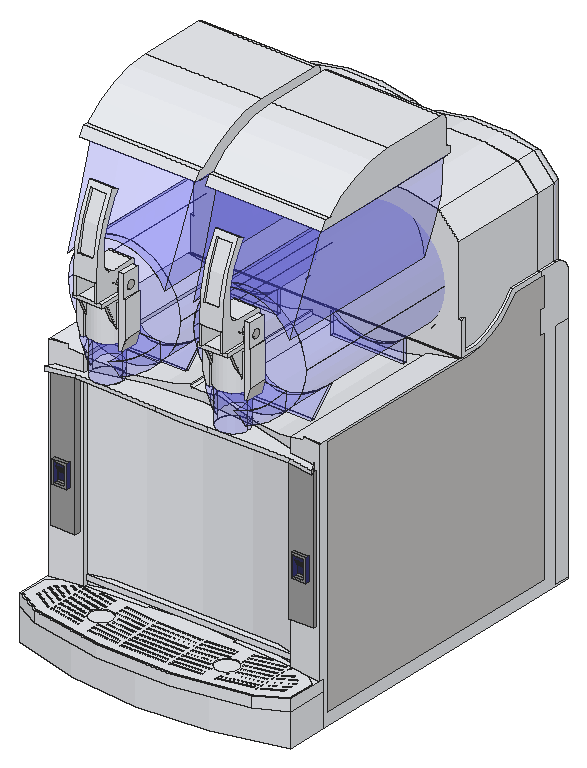
Revit family "QF_ELECTROLUXPROFESSIONAL_560050_NINA2UK", category Specialty Equipment, Revit 2018 (continued)
Automatic sketch dimensions
  curve 67 to curve 116 = 0.0 mm  (x2)
  curve 67 to curve 117 = 0.0 mm  (x2)
  curve 67 to curve 134 = 0.0 mm  (x2)
  curve 67 to curve 135 = 0.0 mm  (x2)
  curve 67 to curve 136 = 0.0 mm  (x2)
  curve 67 to curve 137 = 0.0 mm  (x2)
  curve 67 to curve 138 = 0.0 mm  (x2)
  curve 67 to curve 139 = 0.0 mm  (x2)
  curve 67 to curve 140 = 0.0 mm  (x2)
  curve 67 to curve 141 = 0.0 mm  (x2)
  curve 67 to curve 142 = 0.0 mm  (x2)
  curve 67 to curve 143 = 0.0 mm  (x2)
  curve 67 to curve 144 = 0.0 mm  (x2)
  curve 67 to curve 145 = 0.0 mm  (x2)
  curve 67 to curve 146 = 0.0 mm  (x2)
  curve 67 to curve 147 = 0.0 mm  (x2)
  curve 67 to curve 148 = 0.0 mm  (x2)
  curve 67 to curve 167 = 0.0 mm  (x2)
  curve 67 to curve 168 = 0.0 mm  (x2)
  curve 67 to curve 169 = 0.0 mm  (x2)
  curve 67 to curve 170 = 0.0 mm  (x2)
  curve 67 to curve 171 = 0.0 mm  (x2)
  curve 67 to curve 172 = 0.0 mm  (x2)
  curve 67 to curve 173 = 0.0 mm  (x2)
  curve 67 to curve 174 = 0.0 mm  (x2)
  curve 67 to curve 175 = 0.0 mm  (x2)
  curve 67 to curve 176 = 0.0 mm  (x2)
  curve 67 to curve 177 = 0.0 mm  (x2)
  curve 68 to curve 69 = 0.0 mm  (x2)
  curve 68 to curve 70 = 0.0 mm  (x2)
  curve 68 to curve 71 = 0.0 mm  (x2)
  curve 68 to curve 72 = 0.0 mm  (x2)
  curve 68 to curve 91 = 0.0 mm  (x2)
  curve 68 to curve 92 = 0.0 mm  (x2)
  curve 68 to curve 93 = 0.0 mm  (x2)
  curve 68 to curve 94 = 0.0 mm  (x2)
  curve 68 to curve 95 = 0.0 mm  (x2)
  curve 68 to curve 96 = 0.0 mm  (x2)
  curve 68 to curve 97 = 0.0 mm  (x2)
  curve 68 to curve 98 = 0.0 mm  (x2)
  curve 68 to curve 99 = 0.0 mm  (x2)
  curve 68 to curve 100 = 0.0 mm  (x2)
  curve 68 to curve 101 = 0.0 mm  (x2)
  curve 68 to curve 116 = 0.0 mm  (x2)
  curve 68 to curve 117 = 0.0 mm  (x2)
  curve 68 to curve 134 = 0.0 mm  (x2)
  curve 68 to curve 135 = 0.0 mm  (x2)
  curve 68 to curve 136 = 0.0 mm  (x2)
  curve 68 to curve 137 = 0.0 mm  (x2)
  curve 68 to curve 138 = 0.0 mm  (x2)
  curve 68 to curve 139 = 0.0 mm  (x2)
  curve 68 to curve 140 = 0.0 mm  (x2)
  curve 68 to curve 141 = 0.0 mm  (x2)
  curve 68 to curve 142 = 0.0 mm  (x2)
  curve 68 to curve 143 = 0.0 mm  (x2)
  curve 68 to curve 144 = 0.0 mm  (x2)
  curve 68 to curve 145 = 0.0 mm  (x2)
  curve 68 to curve 146 = 0.0 mm  (x2)
  curve 68 to curve 147 = 0.0 mm  (x2)
  curve 68 to curve 148 = 0.0 mm  (x2)
  curve 68 to curve 167 = 0.0 mm  (x2)
  curve 68 to curve 168 = 0.0 mm  (x2)
  curve 68 to curve 169 = 0.0 mm  (x2)
  curve 68 to curve 170 = 0.0 mm  (x2)
  curve 68 to curve 171 = 0.0 mm  (x2)
  curve 68 to curve 172 = 0.0 mm  (x2)
  curve 68 to curve 173 = 0.0 mm  (x2)
  curve 68 to curve 174 = 0.0 mm  (x2)
  curve 68 to curve 175 = 0.0 mm  (x2)
  curve 68 to curve 176 = 0.0 mm  (x2)
  curve 68 to curve 177 = 0.0 mm  (x2)
  curve 69 to curve 70 = 0.0 mm  (x2)
  curve 69 to curve 71 = 0.0 mm  (x2)
  curve 69 to curve 72 = 0.0 mm  (x2)
  curve 69 to curve 91 = 0.0 mm  (x2)
  curve 69 to curve 92 = 0.0 mm  (x2)
  curve 69 to curve 93 = 0.0 mm  (x2)
  curve 69 to curve 94 = 0.0 mm  (x2)
  curve 69 to curve 95 = 0.0 mm  (x2)
  curve 69 to curve 96 = 0.0 mm  (x2)
  curve 69 to curve 97 = 0.0 mm  (x2)
  curve 69 to curve 98 = 0.0 mm  (x2)
  curve 69 to curve 99 = 0.0 mm  (x2)
  curve 69 to curve 100 = 0.0 mm  (x2)
  curve 69 to curve 101 = 0.0 mm  (x2)
  curve 69 to curve 116 = 0.0 mm  (x2)
  curve 69 to curve 117 = 0.0 mm  (x2)
  curve 69 to curve 134 = 0.0 mm  (x2)
  curve 69 to curve 135 = 0.0 mm  (x2)
  curve 69 to curve 136 = 0.0 mm  (x2)
  curve 69 to curve 137 = 0.0 mm  (x2)
  curve 69 to curve 138 = 0.0 mm  (x2)
  curve 69 to curve 139 = 0.0 mm  (x2)
  curve 69 to curve 140 = 0.0 mm  (x2)
  curve 69 to curve 141 = 0.0 mm  (x2)
  curve 69 to curve 142 = 0.0 mm  (x2)
  curve 69 to curve 143 = 0.0 mm  (x2)
  curve 69 to curve 144 = 0.0 mm  (x2)
  curve 69 to curve 145 = 0.0 mm  (x2)
  curve 69 to curve 146 = 0.0 mm  (x2)
  curve 69 to curve 147 = 0.0 mm  (x2)
  curve 69 to curve 148 = 0.0 mm  (x2)
  curve 69 to curve 167 = 0.0 mm  (x2)
  curve 69 to curve 168 = 0.0 mm  (x2)
  curve 69 to curve 169 = 0.0 mm  (x2)
  curve 69 to curve 170 = 0.0 mm  (x2)
  curve 69 to curve 171 = 0.0 mm  (x2)
  curve 69 to curve 172 = 0.0 mm  (x2)
  curve 69 to curve 173 = 0.0 mm  (x2)
  curve 69 to curve 174 = 0.0 mm  (x2)
  curve 69 to curve 175 = 0.0 mm  (x2)
  curve 69 to curve 176 = 0.0 mm  (x2)
  curve 69 to curve 177 = 0.0 mm  (x2)
  curve 70 to curve 71 = 0.0 mm  (x2)
  curve 70 to curve 72 = 0.0 mm  (x2)
  curve 70 to curve 91 = 0.0 mm  (x2)
  curve 70 to curve 92 = 0.0 mm  (x2)
  curve 70 to curve 93 = 0.0 mm  (x2)
  curve 70 to curve 94 = 0.0 mm  (x2)
  curve 70 to curve 95 = 0.0 mm  (x2)
  curve 70 to curve 96 = 0.0 mm  (x2)
  curve 70 to curve 97 = 0.0 mm  (x2)
  curve 70 to curve 98 = 0.0 mm  (x2)
  curve 70 to curve 99 = 0.0 mm  (x2)
  curve 70 to curve 100 = 0.0 mm  (x2)
  curve 70 to curve 101 = 0.0 mm  (x2)
  curve 70 to curve 116 = 0.0 mm  (x2)
  curve 70 to curve 117 = 0.0 mm  (x2)
  curve 70 to curve 134 = 0.0 mm  (x2)
  curve 70 to curve 135 = 0.0 mm  (x2)
  curve 70 to curve 136 = 0.0 mm  (x2)
  curve 70 to curve 137 = 0.0 mm  (x2)
  curve 70 to curve 138 = 0.0 mm  (x2)
  curve 70 to curve 139 = 0.0 mm  (x2)
  curve 70 to curve 140 = 0.0 mm  (x2)
  curve 70 to curve 141 = 0.0 mm  (x2)
  curve 70 to curve 142 = 0.0 mm  (x2)
  curve 70 to curve 143 = 0.0 mm  (x2)
  curve 70 to curve 144 = 0.0 mm  (x2)
  curve 70 to curve 145 = 0.0 mm  (x2)
  curve 70 to curve 146 = 0.0 mm  (x2)
  curve 70 to curve 147 = 0.0 mm  (x2)
  curve 70 to curve 148 = 0.0 mm  (x2)
  curve 70 to curve 167 = 0.0 mm  (x2)
  curve 70 to curve 168 = 0.0 mm  (x2)
  curve 70 to curve 169 = 0.0 mm  (x2)
  curve 70 to curve 170 = 0.0 mm  (x2)
  curve 70 to curve 171 = 0.0 mm  (x2)
  curve 70 to curve 172 = 0.0 mm  (x2)
  curve 70 to curve 173 = 0.0 mm  (x2)
  curve 70 to curve 174 = 0.0 mm  (x2)
  curve 70 to curve 175 = 0.0 mm  (x2)
  curve 70 to curve 176 = 0.0 mm  (x2)
  curve 70 to curve 177 = 0.0 mm  (x2)
  curve 71 to curve 72 = 0.0 mm  (x2)
  curve 71 to curve 91 = 0.0 mm  (x2)
  curve 71 to curve 92 = 0.0 mm  (x2)
  curve 71 to curve 93 = 0.0 mm  (x2)
  curve 71 to curve 94 = 0.0 mm  (x2)
  curve 71 to curve 95 = 0.0 mm  (x2)
  curve 71 to curve 96 = 0.0 mm  (x2)
  curve 71 to curve 97 = 0.0 mm  (x2)
  curve 71 to curve 98 = 0.0 mm  (x2)
  curve 71 to curve 99 = 0.0 mm  (x2)
  curve 71 to curve 100 = 0.0 mm  (x2)
  curve 71 to curve 101 = 0.0 mm  (x2)
  curve 71 to curve 116 = 0.0 mm  (x2)
  curve 71 to curve 117 = 0.0 mm  (x2)
  curve 71 to curve 134 = 0.0 mm  (x2)
  curve 71 to curve 135 = 0.0 mm  (x2)
  curve 71 to curve 136 = 0.0 mm  (x2)
  curve 71 to curve 137 = 0.0 mm  (x2)
  curve 71 to curve 138 = 0.0 mm  (x2)
  curve 71 to curve 139 = 0.0 mm  (x2)
  curve 71 to curve 140 = 0.0 mm  (x2)
  curve 71 to curve 141 = 0.0 mm  (x2)
  curve 71 to curve 142 = 0.0 mm  (x2)
  curve 71 to curve 143 = 0.0 mm  (x2)
  curve 71 to curve 144 = 0.0 mm  (x2)
  curve 71 to curve 145 = 0.0 mm  (x2)
  curve 71 to curve 146 = 0.0 mm  (x2)
  curve 71 to curve 147 = 0.0 mm  (x2)
  curve 71 to curve 148 = 0.0 mm  (x2)
  curve 71 to curve 167 = 0.0 mm  (x2)
  curve 71 to curve 168 = 0.0 mm  (x2)
  curve 71 to curve 169 = 0.0 mm  (x2)
  curve 71 to curve 170 = 0.0 mm  (x2)
  curve 71 to curve 171 = 0.0 mm  (x2)
  curve 71 to curve 172 = 0.0 mm  (x2)
  curve 71 to curve 173 = 0.0 mm  (x2)
  curve 71 to curve 174 = 0.0 mm  (x2)
  curve 71 to curve 175 = 0.0 mm  (x2)
  curve 71 to curve 176 = 0.0 mm  (x2)
  curve 71 to curve 177 = 0.0 mm  (x2)
  curve 72 to curve 91 = 0.0 mm  (x2)
  curve 72 to curve 92 = 0.0 mm  (x2)
  curve 72 to curve 93 = 0.0 mm  (x2)
  curve 72 to curve 94 = 0.0 mm  (x2)
  curve 72 to curve 95 = 0.0 mm  (x2)
  curve 72 to curve 96 = 0.0 mm  (x2)
  curve 72 to curve 97 = 0.0 mm  (x2)
  curve 72 to curve 98 = 0.0 mm  (x2)
  curve 72 to curve 99 = 0.0 mm  (x2)
  curve 72 to curve 100 = 0.0 mm  (x2)
  curve 72 to curve 101 = 0.0 mm  (x2)
  curve 72 to curve 116 = 0.0 mm  (x2)
  curve 72 to curve 117 = 0.0 mm  (x2)
  curve 72 to curve 134 = 0.0 mm  (x2)
  curve 72 to curve 135 = 0.0 mm  (x2)
  curve 72 to curve 136 = 0.0 mm  (x2)
  curve 72 to curve 137 = 0.0 mm  (x2)
  curve 72 to curve 138 = 0.0 mm  (x2)
  curve 72 to curve 139 = 0.0 mm  (x2)
  curve 72 to curve 140 = 0.0 mm  (x2)
  curve 72 to curve 141 = 0.0 mm  (x2)
  curve 72 to curve 142 = 0.0 mm  (x2)
  curve 72 to curve 143 = 0.0 mm  (x2)
  curve 72 to curve 144 = 0.0 mm  (x2)
  curve 72 to curve 145 = 0.0 mm  (x2)
  curve 72 to curve 146 = 0.0 mm  (x2)
  curve 72 to curve 147 = 0.0 mm  (x2)
  curve 72 to curve 148 = 0.0 mm  (x2)
  curve 72 to curve 167 = 0.0 mm  (x2)
  curve 72 to curve 168 = 0.0 mm  (x2)
  curve 72 to curve 169 = 0.0 mm  (x2)
  curve 72 to curve 170 = 0.0 mm  (x2)
  curve 72 to curve 171 = 0.0 mm  (x2)
  curve 72 to curve 172 = 0.0 mm  (x2)
  curve 72 to curve 173 = 0.0 mm  (x2)
  curve 72 to curve 174 = 0.0 mm  (x2)
  curve 72 to curve 175 = 0.0 mm  (x2)
  curve 72 to curve 176 = 0.0 mm  (x2)
  curve 72 to curve 177 = 0.0 mm  (x2)
  curve 91 to curve 92 = 0.0 mm  (x2)
  curve 91 to curve 93 = 0.0 mm  (x2)
  curve 91 to curve 94 = 0.0 mm  (x2)
  curve 91 to curve 95 = 0.0 mm  (x2)
  curve 91 to curve 96 = 0.0 mm  (x2)
  curve 91 to curve 97 = 0.0 mm  (x2)
  curve 91 to curve 98 = 0.0 mm  (x2)
  curve 91 to curve 99 = 0.0 mm  (x2)
  curve 91 to curve 100 = 0.0 mm  (x2)
  curve 91 to curve 101 = 0.0 mm  (x2)
  curve 91 to curve 116 = 0.0 mm  (x2)
  curve 91 to curve 117 = 0.0 mm  (x2)
  curve 91 to curve 134 = 0.0 mm  (x2)
  curve 91 to curve 135 = 0.0 mm  (x2)
  curve 91 to curve 136 = 0.0 mm  (x2)
  curve 91 to curve 137 = 0.0 mm  (x2)
  curve 91 to curve 138 = 0.0 mm  (x2)
  curve 91 to curve 139 = 0.0 mm  (x2)
  curve 91 to curve 140 = 0.0 mm  (x2)
  curve 91 to curve 141 = 0.0 mm  (x2)
  curve 91 to curve 142 = 0.0 mm  (x2)
  curve 91 to curve 143 = 0.0 mm  (x2)
  curve 91 to curve 144 = 0.0 mm  (x2)
  curve 91 to curve 145 = 0.0 mm  (x2)
  curve 91 to curve 146 = 0.0 mm  (x2)
  curve 91 to curve 147 = 0.0 mm  (x2)
  curve 91 to curve 148 = 0.0 mm  (x2)
  curve 91 to curve 167 = 0.0 mm  (x2)
  curve 91 to curve 168 = 0.0 mm  (x2)
  curve 91 to curve 169 = 0.0 mm  (x2)
  curve 91 to curve 170 = 0.0 mm  (x2)
  curve 91 to curve 171 = 0.0 mm  (x2)
  curve 91 to curve 172 = 0.0 mm  (x2)
  curve 91 to curve 173 = 0.0 mm  (x2)
  curve 91 to curve 174 = 0.0 mm  (x2)
  curve 91 to curve 175 = 0.0 mm  (x2)
  curve 91 to curve 176 = 0.0 mm  (x2)
  curve 91 to curve 177 = 0.0 mm  (x2)
  curve 92 to curve 93 = 0.0 mm  (x2)
  curve 92 to curve 94 = 0.0 mm  (x2)
  curve 92 to curve 95 = 0.0 mm  (x2)
  curve 92 to curve 96 = 0.0 mm  (x2)
  curve 92 to curve 97 = 0.0 mm  (x2)
  curve 92 to curve 98 = 0.0 mm  (x2)
  curve 92 to curve 99 = 0.0 mm  (x2)
  curve 92 to curve 100 = 0.0 mm  (x2)
  curve 92 to curve 101 = 0.0 mm  (x2)
  curve 92 to curve 116 = 0.0 mm  (x2)
  curve 92 to curve 117 = 0.0 mm  (x2)
  curve 92 to curve 134 = 0.0 mm  (x2)
  curve 92 to curve 135 = 0.0 mm  (x2)
  curve 92 to curve 136 = 0.0 mm  (x2)
  curve 92 to curve 137 = 0.0 mm  (x2)
  curve 92 to curve 138 = 0.0 mm  (x2)
  curve 92 to curve 139 = 0.0 mm  (x2)
  curve 92 to curve 140 = 0.0 mm  (x2)
  curve 92 to curve 141 = 0.0 mm  (x2)
  curve 92 to curve 142 = 0.0 mm  (x2)
  curve 92 to curve 143 = 0.0 mm  (x2)
  curve 92 to curve 144 = 0.0 mm  (x2)
  curve 92 to curve 145 = 0.0 mm  (x2)
  curve 92 to curve 146 = 0.0 mm  (x2)
  curve 92 to curve 147 = 0.0 mm  (x2)
  curve 92 to curve 148 = 0.0 mm  (x2)
  curve 92 to curve 167 = 0.0 mm  (x2)
  curve 92 to curve 168 = 0.0 mm  (x2)
  curve 92 to curve 169 = 0.0 mm  (x2)
  curve 92 to curve 170 = 0.0 mm  (x2)
  curve 92 to curve 171 = 0.0 mm  (x2)
  curve 92 to curve 172 = 0.0 mm  (x2)
  curve 92 to curve 173 = 0.0 mm  (x2)
  curve 92 to curve 174 = 0.0 mm  (x2)
  curve 92 to curve 175 = 0.0 mm  (x2)
  curve 92 to curve 176 = 0.0 mm  (x2)
  curve 92 to curve 177 = 0.0 mm  (x2)
  curve 93 to curve 94 = 0.0 mm  (x2)
  curve 93 to curve 95 = 0.0 mm  (x2)
  curve 93 to curve 96 = 0.0 mm  (x2)
  curve 93 to curve 97 = 0.0 mm  (x2)
  curve 93 to curve 98 = 0.0 mm  (x2)
  curve 93 to curve 99 = 0.0 mm  (x2)
  curve 93 to curve 100 = 0.0 mm  (x2)
  curve 93 to curve 101 = 0.0 mm  (x2)
  curve 93 to curve 116 = 0.0 mm  (x2)
  curve 93 to curve 117 = 0.0 mm  (x2)
  curve 93 to curve 134 = 0.0 mm  (x2)
  curve 93 to curve 135 = 0.0 mm  (x2)
  curve 93 to curve 136 = 0.0 mm  (x2)
  curve 93 to curve 137 = 0.0 mm  (x2)
  curve 93 to curve 138 = 0.0 mm  (x2)
  curve 93 to curve 139 = 0.0 mm  (x2)
  curve 93 to curve 140 = 0.0 mm  (x2)
  curve 93 to curve 141 = 0.0 mm  (x2)
  curve 93 to curve 142 = 0.0 mm  (x2)
  curve 93 to curve 143 = 0.0 mm  (x2)
  curve 93 to curve 144 = 0.0 mm  (x2)
  curve 93 to curve 145 = 0.0 mm  (x2)
  curve 93 to curve 146 = 0.0 mm  (x2)
  curve 93 to curve 147 = 0.0 mm  (x2)
  curve 93 to curve 148 = 0.0 mm  (x2)
  curve 93 to curve 167 = 0.0 mm  (x2)
  curve 93 to curve 168 = 0.0 mm  (x2)
  curve 93 to curve 169 = 0.0 mm  (x2)
  curve 93 to curve 170 = 0.0 mm  (x2)
  curve 93 to curve 171 = 0.0 mm  (x2)
  curve 93 to curve 172 = 0.0 mm  (x2)
  curve 93 to curve 173 = 0.0 mm  (x2)
  curve 93 to curve 174 = 0.0 mm  (x2)
  curve 93 to curve 175 = 0.0 mm  (x2)
  curve 93 to curve 176 = 0.0 mm  (x2)
  curve 93 to curve 177 = 0.0 mm  (x2)
  curve 94 to curve 95 = 0.0 mm  (x2)
  curve 94 to curve 96 = 0.0 mm  (x2)
  curve 94 to curve 97 = 0.0 mm  (x2)
  curve 94 to curve 98 = 0.0 mm  (x2)
  curve 94 to curve 99 = 0.0 mm  (x2)
  curve 94 to curve 100 = 0.0 mm  (x2)
  curve 94 to curve 101 = 0.0 mm  (x2)
  curve 94 to curve 116 = 0.0 mm  (x2)
  curve 94 to curve 117 = 0.0 mm  (x2)
  curve 94 to curve 134 = 0.0 mm  (x2)
  curve 94 to curve 135 = 0.0 mm  (x2)
  curve 94 to curve 136 = 0.0 mm  (x2)
  curve 94 to curve 137 = 0.0 mm  (x2)
  curve 94 to curve 138 = 0.0 mm  (x2)
  curve 94 to curve 139 = 0.0 mm  (x2)
  curve 94 to curve 140 = 0.0 mm  (x2)
  curve 94 to curve 141 = 0.0 mm  (x2)
  curve 94 to curve 142 = 0.0 mm  (x2)
  curve 94 to curve 143 = 0.0 mm  (x2)
  curve 94 to curve 144 = 0.0 mm  (x2)
  curve 94 to curve 145 = 0.0 mm  (x2)
  curve 94 to curve 146 = 0.0 mm  (x2)
  curve 94 to curve 147 = 0.0 mm  (x2)
  curve 94 to curve 148 = 0.0 mm  (x2)
  curve 94 to curve 167 = 0.0 mm  (x2)
  curve 94 to curve 168 = 0.0 mm  (x2)
  curve 94 to curve 169 = 0.0 mm  (x2)
  curve 94 to curve 170 = 0.0 mm  (x2)
  curve 94 to curve 171 = 0.0 mm  (x2)
  curve 94 to curve 172 = 0.0 mm  (x2)
  curve 94 to curve 173 = 0.0 mm  (x2)
  curve 94 to curve 174 = 0.0 mm  (x2)
  curve 94 to curve 175 = 0.0 mm  (x2)
  curve 94 to curve 176 = 0.0 mm  (x2)
  curve 94 to curve 177 = 0.0 mm  (x2)
  curve 95 to curve 96 = 0.0 mm  (x2)
  curve 95 to curve 97 = 0.0 mm  (x2)
  curve 95 to curve 98 = 0.0 mm  (x2)
  curve 95 to curve 99 = 0.0 mm  (x2)
  curve 95 to curve 100 = 0.0 mm  (x2)
  curve 95 to curve 101 = 0.0 mm  (x2)
  curve 95 to curve 116 = 0.0 mm  (x2)
  curve 95 to curve 117 = 0.0 mm  (x2)
  curve 95 to curve 134 = 0.0 mm  (x2)
  curve 95 to curve 135 = 0.0 mm  (x2)
  curve 95 to curve 136 = 0.0 mm  (x2)
  curve 95 to curve 137 = 0.0 mm  (x2)
  curve 95 to curve 138 = 0.0 mm  (x2)
  curve 95 to curve 139 = 0.0 mm  (x2)
  curve 95 to curve 140 = 0.0 mm  (x2)
  curve 95 to curve 141 = 0.0 mm  (x2)
  curve 95 to curve 142 = 0.0 mm  (x2)
  curve 95 to curve 143 = 0.0 mm  (x2)
  curve 95 to curve 144 = 0.0 mm  (x2)
  curve 95 to curve 145 = 0.0 mm  (x2)
  curve 95 to curve 146 = 0.0 mm  (x2)
  curve 95 to curve 147 = 0.0 mm  (x2)
  curve 95 to curve 148 = 0.0 mm  (x2)
  curve 95 to curve 167 = 0.0 mm  (x2)
  curve 95 to curve 168 = 0.0 mm  (x2)
  curve 95 to curve 169 = 0.0 mm  (x2)
  curve 95 to curve 170 = 0.0 mm  (x2)
  curve 95 to curve 171 = 0.0 mm  (x2)
  curve 95 to curve 172 = 0.0 mm  (x2)
  curve 95 to curve 173 = 0.0 mm  (x2)
  curve 95 to curve 174 = 0.0 mm  (x2)
  curve 95 to curve 175 = 0.0 mm  (x2)
  curve 95 to curve 176 = 0.0 mm  (x2)
  curve 95 to curve 177 = 0.0 mm  (x2)
  curve 96 to curve 97 = 0.0 mm  (x2)
  curve 96 to curve 98 = 0.0 mm  (x2)
  curve 96 to curve 99 = 0.0 mm  (x2)
  curve 96 to curve 100 = 0.0 mm  (x2)
  curve 96 to curve 101 = 0.0 mm  (x2)
  curve 96 to curve 116 = 0.0 mm  (x2)
  curve 96 to curve 117 = 0.0 mm  (x2)
  curve 96 to curve 134 = 0.0 mm  (x2)
  curve 96 to curve 135 = 0.0 mm  (x2)
  curve 96 to curve 136 = 0.0 mm  (x2)
  curve 96 to curve 137 = 0.0 mm  (x2)
  curve 96 to curve 138 = 0.0 mm  (x2)
  curve 96 to curve 139 = 0.0 mm  (x2)
  curve 96 to curve 140 = 0.0 mm  (x2)
  curve 96 to curve 141 = 0.0 mm  (x2)
  curve 96 to curve 142 = 0.0 mm  (x2)
  curve 96 to curve 143 = 0.0 mm  (x2)
  curve 96 to curve 144 = 0.0 mm  (x2)
  curve 96 to curve 145 = 0.0 mm  (x2)
  curve 96 to curve 146 = 0.0 mm  (x2)
  curve 96 to curve 147 = 0.0 mm  (x2)
  curve 96 to curve 148 = 0.0 mm  (x2)
  curve 96 to curve 167 = 0.0 mm  (x2)
  curve 96 to curve 168 = 0.0 mm  (x2)
  curve 96 to curve 169 = 0.0 mm  (x2)
  curve 96 to curve 170 = 0.0 mm  (x2)
  curve 96 to curve 171 = 0.0 mm  (x2)
  curve 96 to curve 172 = 0.0 mm  (x2)
  curve 96 to curve 173 = 0.0 mm  (x2)
  curve 96 to curve 174 = 0.0 mm  (x2)
  curve 96 to curve 175 = 0.0 mm  (x2)
  curve 96 to curve 176 = 0.0 mm  (x2)
  curve 96 to curve 177 = 0.0 mm  (x2)
  curve 97 to curve 98 = 0.0 mm  (x2)
  curve 97 to curve 99 = 0.0 mm  (x2)
  curve 97 to curve 100 = 0.0 mm  (x2)
  curve 97 to curve 101 = 0.0 mm  (x2)
  curve 97 to curve 116 = 0.0 mm  (x2)
  curve 97 to curve 117 = 0.0 mm  (x2)
  curve 97 to curve 134 = 0.0 mm  (x2)
  curve 97 to curve 135 = 0.0 mm  (x2)
  curve 97 to curve 136 = 0.0 mm  (x2)
  curve 97 to curve 137 = 0.0 mm  (x2)
  curve 97 to curve 138 = 0.0 mm  (x2)
  curve 97 to curve 139 = 0.0 mm  (x2)
  curve 97 to curve 140 = 0.0 mm  (x2)
  curve 97 to curve 141 = 0.0 mm  (x2)
  curve 97 to curve 142 = 0.0 mm  (x2)
  curve 97 to curve 143 = 0.0 mm  (x2)
  curve 97 to curve 144 = 0.0 mm  (x2)
  curve 97 to curve 145 = 0.0 mm  (x2)
  curve 97 to curve 146 = 0.0 mm  (x2)
  curve 97 to curve 147 = 0.0 mm  (x2)
  curve 97 to curve 148 = 0.0 mm  (x2)
  curve 97 to curve 167 = 0.0 mm  (x2)
  curve 97 to curve 168 = 0.0 mm  (x2)
  curve 97 to curve 169 = 0.0 mm  (x2)
  curve 97 to curve 170 = 0.0 mm  (x2)
  curve 97 to curve 171 = 0.0 mm  (x2)
  curve 97 to curve 172 = 0.0 mm  (x2)
  curve 97 to curve 173 = 0.0 mm  (x2)
  curve 97 to curve 174 = 0.0 mm  (x2)
  curve 97 to curve 175 = 0.0 mm  (x2)
  curve 97 to curve 176 = 0.0 mm  (x2)
  curve 97 to curve 177 = 0.0 mm  (x2)
  curve 98 to curve 99 = 0.0 mm  (x2)
  curve 98 to curve 100 = 0.0 mm  (x2)
  curve 98 to curve 101 = 0.0 mm  (x2)
  curve 98 to curve 116 = 0.0 mm  (x2)
  curve 98 to curve 117 = 0.0 mm  (x2)
  curve 98 to curve 134 = 0.0 mm  (x2)
  curve 98 to curve 135 = 0.0 mm  (x2)
  curve 98 to curve 136 = 0.0 mm  (x2)
  curve 98 to curve 137 = 0.0 mm  (x2)
  curve 98 to curve 138 = 0.0 mm  (x2)
  curve 98 to curve 139 = 0.0 mm  (x2)
  curve 98 to curve 140 = 0.0 mm  (x2)
  curve 98 to curve 141 = 0.0 mm  (x2)
  curve 98 to curve 142 = 0.0 mm  (x2)
  curve 98 to curve 143 = 0.0 mm  (x2)
  curve 98 to curve 144 = 0.0 mm  (x2)
  curve 98 to curve 145 = 0.0 mm  (x2)
  curve 98 to curve 146 = 0.0 mm  (x2)
  curve 98 to curve 147 = 0.0 mm  (x2)
  curve 98 to curve 148 = 0.0 mm  (x2)
  curve 98 to curve 167 = 0.0 mm  (x2)
  curve 98 to curve 168 = 0.0 mm  (x2)
  curve 98 to curve 169 = 0.0 mm  (x2)
  curve 98 to curve 170 = 0.0 mm  (x2)
  curve 98 to curve 171 = 0.0 mm  (x2)
  curve 98 to curve 172 = 0.0 mm  (x2)
  curve 98 to curve 173 = 0.0 mm  (x2)
  curve 98 to curve 174 = 0.0 mm  (x2)
  curve 98 to curve 175 = 0.0 mm  (x2)
  curve 98 to curve 176 = 0.0 mm  (x2)
  curve 98 to curve 177 = 0.0 mm  (x2)
  curve 99 to curve 100 = 0.0 mm  (x2)
  curve 99 to curve 101 = 0.0 mm  (x2)
  curve 99 to curve 116 = 0.0 mm  (x2)
  curve 99 to curve 117 = 0.0 mm  (x2)
  curve 99 to curve 134 = 0.0 mm  (x2)
  curve 99 to curve 135 = 0.0 mm  (x2)
  curve 99 to curve 136 = 0.0 mm  (x2)
  curve 99 to curve 137 = 0.0 mm  (x2)
  curve 99 to curve 138 = 0.0 mm  (x2)
  curve 99 to curve 139 = 0.0 mm  (x2)
  curve 99 to curve 140 = 0.0 mm  (x2)
  curve 99 to curve 141 = 0.0 mm  (x2)
  curve 99 to curve 142 = 0.0 mm  (x2)
  curve 99 to curve 143 = 0.0 mm  (x2)
  curve 99 to curve 144 = 0.0 mm  (x2)
  curve 99 to curve 145 = 0.0 mm  (x2)
  curve 99 to curve 146 = 0.0 mm  (x2)
  curve 99 to curve 147 = 0.0 mm  (x2)
  curve 99 to curve 148 = 0.0 mm  (x2)
  curve 99 to curve 167 = 0.0 mm  (x2)
  curve 99 to curve 168 = 0.0 mm  (x2)
  curve 99 to curve 169 = 0.0 mm  (x2)
  curve 99 to curve 170 = 0.0 mm  (x2)
  curve 99 to curve 171 = 0.0 mm  (x2)
  curve 99 to curve 172 = 0.0 mm  (x2)
  curve 99 to curve 173 = 0.0 mm  (x2)
  curve 99 to curve 174 = 0.0 mm  (x2)
  curve 99 to curve 175 = 0.0 mm  (x2)
  curve 99 to curve 176 = 0.0 mm  (x2)
  curve 99 to curve 177 = 0.0 mm  (x2)
  curve 100 to curve 101 = 0.0 mm  (x2)
  curve 100 to curve 116 = 0.0 mm  (x2)
  curve 100 to curve 117 = 0.0 mm  (x2)
  curve 100 to curve 134 = 0.0 mm  (x2)
  curve 100 to curve 135 = 0.0 mm  (x2)
  curve 100 to curve 136 = 0.0 mm  (x2)
  curve 100 to curve 137 = 0.0 mm  (x2)
  curve 100 to curve 138 = 0.0 mm  (x2)
  curve 100 to curve 139 = 0.0 mm  (x2)
  curve 100 to curve 140 = 0.0 mm  (x2)
  curve 100 to curve 141 = 0.0 mm  (x2)
  curve 100 to curve 142 = 0.0 mm  (x2)
  curve 100 to curve 143 = 0.0 mm  (x2)
  curve 100 to curve 144 = 0.0 mm  (x2)
  curve 100 to curve 145 = 0.0 mm  (x2)
  curve 100 to curve 146 = 0.0 mm  (x2)
  curve 100 to curve 147 = 0.0 mm  (x2)
  curve 100 to curve 148 = 0.0 mm  (x2)
  curve 100 to curve 167 = 0.0 mm  (x2)
  curve 100 to curve 168 = 0.0 mm  (x2)
  curve 100 to curve 169 = 0.0 mm  (x2)
  curve 100 to curve 170 = 0.0 mm  (x2)
  curve 100 to curve 171 = 0.0 mm  (x2)
  curve 100 to curve 172 = 0.0 mm  (x2)
  curve 100 to curve 173 = 0.0 mm  (x2)
  curve 100 to curve 174 = 0.0 mm  (x2)
  curve 100 to curve 175 = 0.0 mm  (x2)
  curve 100 to curve 176 = 0.0 mm  (x2)
  curve 100 to curve 177 = 0.0 mm  (x2)
  curve 101 to curve 116 = 0.0 mm  (x2)
  curve 101 to curve 117 = 0.0 mm  (x2)
  curve 101 to curve 134 = 0.0 mm  (x2)
  curve 101 to curve 135 = 0.0 mm  (x2)
  curve 101 to curve 136 = 0.0 mm  (x2)
  curve 101 to curve 137 = 0.0 mm  (x2)
  curve 101 to curve 138 = 0.0 mm  (x2)
  curve 101 to curve 139 = 0.0 mm  (x2)
  curve 101 to curve 140 = 0.0 mm  (x2)
  curve 101 to curve 141 = 0.0 mm  (x2)
  curve 101 to curve 142 = 0.0 mm  (x2)
  curve 101 to curve 143 = 0.0 mm  (x2)
  curve 101 to curve 144 = 0.0 mm  (x2)
  curve 101 to curve 145 = 0.0 mm  (x2)
  curve 101 to curve 146 = 0.0 mm  (x2)
  curve 101 to curve 147 = 0.0 mm  (x2)
  curve 101 to curve 148 = 0.0 mm  (x2)
  curve 101 to curve 167 = 0.0 mm  (x2)
  curve 101 to curve 168 = 0.0 mm  (x2)
  curve 101 to curve 169 = 0.0 mm  (x2)
  curve 101 to curve 170 = 0.0 mm  (x2)
  curve 101 to curve 171 = 0.0 mm  (x2)
  curve 101 to curve 172 = 0.0 mm  (x2)
  curve 101 to curve 173 = 0.0 mm  (x2)
  curve 101 to curve 174 = 0.0 mm  (x2)
  curve 101 to curve 175 = 0.0 mm  (x2)
  curve 101 to curve 176 = 0.0 mm  (x2)
  curve 101 to curve 177 = 0.0 mm  (x2)
  curve 116 to curve 117 = 0.0 mm  (x2)
  curve 116 to curve 134 = 0.0 mm  (x2)
  curve 116 to curve 135 = 0.0 mm  (x2)
  curve 116 to curve 136 = 0.0 mm  (x2)
  curve 116 to curve 137 = 0.0 mm  (x2)
  curve 116 to curve 138 = 0.0 mm  (x2)
  curve 116 to curve 139 = 0.0 mm  (x2)
  curve 116 to curve 140 = 0.0 mm  (x2)
  curve 116 to curve 141 = 0.0 mm  (x2)
  curve 116 to curve 142 = 0.0 mm  (x2)
  curve 116 to curve 143 = 0.0 mm  (x2)
  curve 116 to curve 144 = 0.0 mm  (x2)
  curve 116 to curve 145 = 0.0 mm  (x2)
  curve 116 to curve 146 = 0.0 mm  (x2)
  curve 116 to curve 147 = 0.0 mm  (x2)
  curve 116 to curve 148 = 0.0 mm  (x2)
  curve 116 to curve 167 = 0.0 mm  (x2)
  curve 116 to curve 168 = 0.0 mm  (x2)
  curve 116 to curve 169 = 0.0 mm  (x2)
  curve 116 to curve 170 = 0.0 mm  (x2)
  curve 116 to curve 171 = 0.0 mm  (x2)
  curve 116 to curve 172 = 0.0 mm  (x2)
  curve 116 to curve 173 = 0.0 mm  (x2)
  curve 116 to curve 174 = 0.0 mm  (x2)
  curve 116 to curve 175 = 0.0 mm  (x2)
  curve 116 to curve 176 = 0.0 mm  (x2)
  curve 116 to curve 177 = 0.0 mm  (x2)
  curve 117 to curve 134 = 0.0 mm  (x2)
  curve 117 to curve 135 = 0.0 mm  (x2)
  curve 117 to curve 136 = 0.0 mm  (x2)
  curve 117 to curve 137 = 0.0 mm  (x2)
  curve 117 to curve 138 = 0.0 mm  (x2)
  curve 117 to curve 139 = 0.0 mm  (x2)
  curve 117 to curve 140 = 0.0 mm  (x2)
  curve 117 to curve 141 = 0.0 mm  (x2)
  curve 117 to curve 142 = 0.0 mm  (x2)
  curve 117 to curve 143 = 0.0 mm  (x2)
  curve 117 to curve 144 = 0.0 mm  (x2)
  curve 117 to curve 145 = 0.0 mm  (x2)
  curve 117 to curve 146 = 0.0 mm  (x2)
  curve 117 to curve 147 = 0.0 mm  (x2)
  curve 117 to curve 148 = 0.0 mm  (x2)
  curve 117 to curve 167 = 0.0 mm  (x2)
  curve 117 to curve 168 = 0.0 mm  (x2)
  curve 117 to curve 169 = 0.0 mm  (x2)
  curve 117 to curve 170 = 0.0 mm  (x2)
  curve 117 to curve 171 = 0.0 mm  (x2)
  curve 117 to curve 172 = 0.0 mm  (x2)
  curve 117 to curve 173 = 0.0 mm  (x2)
  curve 117 to curve 174 = 0.0 mm  (x2)
  curve 117 to curve 175 = 0.0 mm  (x2)
  curve 117 to curve 176 = 0.0 mm  (x2)
  curve 117 to curve 177 = 0.0 mm  (x2)
  curve 134 to curve 135 = 0.0 mm  (x2)
  curve 134 to curve 136 = 0.0 mm  (x2)
  curve 134 to curve 137 = 0.0 mm  (x2)
  curve 134 to curve 138 = 0.0 mm  (x2)
  curve 134 to curve 139 = 0.0 mm  (x2)
  curve 134 to curve 140 = 0.0 mm  (x2)
  curve 134 to curve 141 = 0.0 mm  (x2)
  curve 134 to curve 142 = 0.0 mm  (x2)
  curve 134 to curve 143 = 0.0 mm  (x2)
  curve 134 to curve 144 = 0.0 mm  (x2)
  curve 134 to curve 145 = 0.0 mm  (x2)
  curve 134 to curve 146 = 0.0 mm  (x2)
  curve 134 to curve 147 = 0.0 mm  (x2)
  curve 134 to curve 148 = 0.0 mm  (x2)
  curve 134 to curve 167 = 0.0 mm  (x2)
  curve 134 to curve 168 = 0.0 mm  (x2)
  curve 134 to curve 169 = 0.0 mm  (x2)
  curve 134 to curve 170 = 0.0 mm  (x2)
  curve 134 to curve 171 = 0.0 mm  (x2)
  curve 134 to curve 172 = 0.0 mm  (x2)
  curve 134 to curve 173 = 0.0 mm  (x2)
  curve 134 to curve 174 = 0.0 mm  (x2)
  curve 134 to curve 175 = 0.0 mm  (x2)
  curve 134 to curve 176 = 0.0 mm  (x2)
  curve 134 to curve 177 = 0.0 mm  (x2)
  curve 135 to curve 136 = 0.0 mm  (x2)
  curve 135 to curve 137 = 0.0 mm  (x2)
  curve 135 to curve 138 = 0.0 mm  (x2)
  curve 135 to curve 139 = 0.0 mm  (x2)
  curve 135 to curve 140 = 0.0 mm  (x2)
  curve 135 to curve 141 = 0.0 mm  (x2)
  curve 135 to curve 142 = 0.0 mm  (x2)
  curve 135 to curve 143 = 0.0 mm  (x2)
  curve 135 to curve 144 = 0.0 mm  (x2)
  curve 135 to curve 145 = 0.0 mm  (x2)
  curve 135 to curve 146 = 0.0 mm  (x2)
  curve 135 to curve 147 = 0.0 mm  (x2)
  curve 135 to curve 148 = 0.0 mm  (x2)
  curve 135 to curve 167 = 0.0 mm  (x2)
  curve 135 to curve 168 = 0.0 mm  (x2)
  curve 135 to curve 169 = 0.0 mm  (x2)
  curve 135 to curve 170 = 0.0 mm  (x2)
  curve 135 to curve 171 = 0.0 mm  (x2)
  curve 135 to curve 172 = 0.0 mm  (x2)
  curve 135 to curve 173 = 0.0 mm  (x2)
  curve 135 to curve 174 = 0.0 mm  (x2)
  curve 135 to curve 175 = 0.0 mm  (x2)
  curve 135 to curve 176 = 0.0 mm  (x2)
  curve 135 to curve 177 = 0.0 mm  (x2)
  curve 136 to curve 137 = 0.0 mm  (x2)
  curve 136 to curve 138 = 0.0 mm  (x2)
  curve 136 to curve 139 = 0.0 mm  (x2)
  curve 136 to curve 140 = 0.0 mm  (x2)
  curve 136 to curve 141 = 0.0 mm  (x2)
  curve 136 to curve 142 = 0.0 mm  (x2)
  curve 136 to curve 143 = 0.0 mm  (x2)
  curve 136 to curve 144 = 0.0 mm  (x2)
  curve 136 to curve 145 = 0.0 mm  (x2)
  curve 136 to curve 146 = 0.0 mm  (x2)
  curve 136 to curve 147 = 0.0 mm  (x2)
  curve 136 to curve 148 = 0.0 mm  (x2)
  curve 136 to curve 167 = 0.0 mm  (x2)
  curve 136 to curve 168 = 0.0 mm  (x2)
  curve 136 to curve 169 = 0.0 mm  (x2)
  curve 136 to curve 170 = 0.0 mm  (x2)
  curve 136 to curve 171 = 0.0 mm  (x2)
  curve 136 to curve 172 = 0.0 mm  (x2)
  curve 136 to curve 173 = 0.0 mm  (x2)
  curve 136 to curve 174 = 0.0 mm  (x2)
  curve 136 to curve 175 = 0.0 mm  (x2)
  curve 136 to curve 176 = 0.0 mm  (x2)
  curve 136 to curve 177 = 0.0 mm  (x2)
  curve 137 to curve 138 = 0.0 mm  (x2)
  curve 137 to curve 139 = 0.0 mm  (x2)
  curve 137 to curve 140 = 0.0 mm  (x2)
  curve 137 to curve 141 = 0.0 mm  (x2)
  curve 137 to curve 142 = 0.0 mm  (x2)
  curve 137 to curve 143 = 0.0 mm  (x2)
  curve 137 to curve 144 = 0.0 mm  (x2)
  curve 137 to curve 145 = 0.0 mm  (x2)
  curve 137 to curve 146 = 0.0 mm  (x2)
  curve 137 to curve 147 = 0.0 mm  (x2)
  curve 137 to curve 148 = 0.0 mm  (x2)
  curve 137 to curve 167 = 0.0 mm  (x2)
  curve 137 to curve 168 = 0.0 mm  (x2)
  curve 137 to curve 169 = 0.0 mm  (x2)
  curve 137 to curve 170 = 0.0 mm  (x2)
  curve 137 to curve 171 = 0.0 mm  (x2)
  curve 137 to curve 172 = 0.0 mm  (x2)
  curve 137 to curve 173 = 0.0 mm  (x2)
  curve 137 to curve 174 = 0.0 mm  (x2)
  curve 137 to curve 175 = 0.0 mm  (x2)
  curve 137 to curve 176 = 0.0 mm  (x2)
  curve 137 to curve 177 = 0.0 mm  (x2)
  curve 138 to curve 139 = 0.0 mm  (x2)
  curve 138 to curve 140 = 0.0 mm  (x2)
  curve 138 to curve 141 = 0.0 mm  (x2)
  curve 138 to curve 142 = 0.0 mm  (x2)
  curve 138 to curve 143 = 0.0 mm  (x2)
  curve 138 to curve 144 = 0.0 mm  (x2)
  curve 138 to curve 145 = 0.0 mm  (x2)
  curve 138 to curve 146 = 0.0 mm  (x2)
  curve 138 to curve 147 = 0.0 mm  (x2)
  curve 138 to curve 148 = 0.0 mm  (x2)
  curve 138 to curve 167 = 0.0 mm  (x2)
  curve 138 to curve 168 = 0.0 mm  (x2)
  curve 138 to curve 169 = 0.0 mm  (x2)
  curve 138 to curve 170 = 0.0 mm  (x2)
  curve 138 to curve 171 = 0.0 mm  (x2)
  curve 138 to curve 172 = 0.0 mm  (x2)
  curve 138 to curve 173 = 0.0 mm  (x2)
  curve 138 to curve 174 = 0.0 mm  (x2)
  curve 138 to curve 175 = 0.0 mm  (x2)
  curve 138 to curve 176 = 0.0 mm  (x2)
  curve 138 to curve 177 = 0.0 mm  (x2)
  curve 139 to curve 140 = 0.0 mm  (x2)
  curve 139 to curve 141 = 0.0 mm  (x2)
  curve 139 to curve 142 = 0.0 mm  (x2)
  curve 139 to curve 143 = 0.0 mm  (x2)
  curve 139 to curve 144 = 0.0 mm  (x2)
  curve 139 to curve 145 = 0.0 mm  (x2)
  curve 139 to curve 146 = 0.0 mm  (x2)
  curve 139 to curve 147 = 0.0 mm  (x2)
  curve 139 to curve 148 = 0.0 mm  (x2)
  curve 139 to curve 167 = 0.0 mm  (x2)
  curve 139 to curve 168 = 0.0 mm  (x2)
  curve 139 to curve 169 = 0.0 mm  (x2)
  curve 139 to curve 170 = 0.0 mm  (x2)
  curve 139 to curve 171 = 0.0 mm  (x2)
  curve 139 to curve 172 = 0.0 mm  (x2)
  curve 139 to curve 173 = 0.0 mm  (x2)
  curve 139 to curve 174 = 0.0 mm  (x2)
  curve 139 to curve 175 = 0.0 mm  (x2)
  curve 139 to curve 176 = 0.0 mm  (x2)
  curve 139 to curve 177 = 0.0 mm  (x2)
  curve 140 to curve 141 = 0.0 mm  (x3)
  curve 140 to curve 142 = 0.0 mm  (x2)
  curve 140 to curve 143 = 0.0 mm  (x2)
  curve 140 to curve 144 = 0.0 mm  (x2)
  curve 140 to curve 145 = 0.0 mm  (x2)
  curve 140 to curve 146 = 0.0 mm  (x2)
  curve 140 to curve 147 = 0.0 mm  (x2)
  curve 140 to curve 148 = 0.0 mm  (x2)
  curve 140 to curve 167 = 0.0 mm  (x2)
  curve 140 to curve 168 = 0.0 mm  (x2)
  curve 140 to curve 169 = 0.0 mm  (x2)
  curve 140 to curve 170 = 0.0 mm  (x2)
  curve 140 to curve 171 = 0.0 mm  (x2)
  curve 140 to curve 172 = 0.0 mm  (x2)
  curve 140 to curve 173 = 0.0 mm  (x2)
  curve 140 to curve 174 = 0.0 mm  (x2)
  curve 140 to curve 175 = 0.0 mm  (x2)
  curve 140 to curve 176 = 0.0 mm  (x2)
  curve 140 to curve 177 = 0.0 mm  (x2)
  curve 141 to curve 142 = 0.0 mm  (x2)
  curve 141 to curve 143 = 0.0 mm  (x2)
  curve 141 to curve 144 = 0.0 mm  (x2)
  curve 141 to curve 145 = 0.0 mm  (x2)
  curve 141 to curve 146 = 0.0 mm  (x2)
  curve 141 to curve 147 = 0.0 mm  (x2)
  curve 141 to curve 148 = 0.0 mm  (x2)
  curve 141 to curve 167 = 0.0 mm  (x2)
  curve 141 to curve 168 = 0.0 mm  (x2)
  curve 141 to curve 169 = 0.0 mm  (x2)
  curve 141 to curve 170 = 0.0 mm  (x2)
  curve 141 to curve 171 = 0.0 mm  (x2)
  curve 141 to curve 172 = 0.0 mm  (x2)
  curve 141 to curve 173 = 0.0 mm  (x2)
  curve 141 to curve 174 = 0.0 mm  (x2)
  curve 141 to curve 175 = 0.0 mm  (x2)
  curve 141 to curve 176 = 0.0 mm  (x2)
  curve 141 to curve 177 = 0.0 mm  (x2)
  curve 142 to curve 143 = 0.0 mm  (x3)
  curve 142 to curve 144 = 0.0 mm  (x2)
  curve 142 to curve 145 = 0.0 mm  (x2)
  curve 142 to curve 146 = 0.0 mm  (x2)
  curve 142 to curve 147 = 0.0 mm  (x2)
  curve 142 to curve 148 = 0.0 mm  (x2)
  curve 142 to curve 167 = 0.0 mm  (x2)
  curve 142 to curve 168 = 0.0 mm  (x2)
  curve 142 to curve 169 = 0.0 mm  (x2)
  curve 142 to curve 170 = 0.0 mm  (x2)
  curve 142 to curve 171 = 0.0 mm  (x2)
  curve 142 to curve 172 = 0.0 mm  (x2)
  curve 142 to curve 173 = 0.0 mm  (x2)
  curve 142 to curve 174 = 0.0 mm  (x2)
  curve 142 to curve 175 = 0.0 mm  (x2)
  curve 142 to curve 176 = 0.0 mm  (x2)
  curve 142 to curve 177 = 0.0 mm  (x2)
  curve 143 to curve 144 = 0.0 mm  (x3)
  curve 143 to curve 145 = 0.0 mm  (x2)
  curve 143 to curve 146 = 0.0 mm  (x2)
  curve 143 to curve 147 = 0.0 mm  (x2)
  curve 143 to curve 148 = 0.0 mm  (x2)
  curve 143 to curve 167 = 0.0 mm  (x2)
  curve 143 to curve 168 = 0.0 mm  (x2)
  curve 143 to curve 169 = 0.0 mm  (x2)
  curve 143 to curve 170 = 0.0 mm  (x2)
  curve 143 to curve 171 = 0.0 mm  (x2)
  curve 143 to curve 172 = 0.0 mm  (x2)
  curve 143 to curve 173 = 0.0 mm  (x2)
  curve 143 to curve 174 = 0.0 mm  (x2)
  curve 143 to curve 175 = 0.0 mm  (x2)
  curve 143 to curve 176 = 0.0 mm  (x2)
  curve 143 to curve 177 = 0.0 mm  (x2)
  curve 144 to curve 145 = 0.0 mm  (x2)
  curve 144 to curve 146 = 0.0 mm  (x2)
  curve 144 to curve 147 = 0.0 mm  (x2)
  curve 144 to curve 148 = 0.0 mm  (x2)
  curve 144 to curve 167 = 0.0 mm  (x2)
  curve 144 to curve 168 = 0.0 mm  (x2)
  curve 144 to curve 169 = 0.0 mm  (x2)
  curve 144 to curve 170 = 0.0 mm  (x2)
  curve 144 to curve 171 = 0.0 mm  (x2)
  curve 144 to curve 172 = 0.0 mm  (x2)
  curve 144 to curve 173 = 0.0 mm  (x2)
  curve 144 to curve 174 = 0.0 mm  (x2)
  curve 144 to curve 175 = 0.0 mm  (x2)
  curve 144 to curve 176 = 0.0 mm  (x2)
  curve 144 to curve 177 = 0.0 mm  (x2)
  curve 145 to curve 146 = 0.0 mm  (x2)
  curve 145 to curve 147 = 0.0 mm  (x2)
  curve 145 to curve 148 = 0.0 mm  (x2)
  curve 145 to curve 167 = 0.0 mm  (x2)
  curve 145 to curve 168 = 0.0 mm  (x2)
  curve 145 to curve 169 = 0.0 mm  (x2)
  curve 145 to curve 170 = 0.0 mm  (x2)
  curve 145 to curve 171 = 0.0 mm  (x2)
  curve 145 to curve 172 = 0.0 mm  (x2)
  curve 145 to curve 173 = 0.0 mm  (x2)
  curve 145 to curve 174 = 0.0 mm  (x2)
  curve 145 to curve 175 = 0.0 mm  (x2)
  curve 145 to curve 176 = 0.0 mm  (x2)
  curve 145 to curve 177 = 0.0 mm  (x2)
  curve 146 to curve 147 = 0.0 mm  (x2)
  curve 146 to curve 148 = 0.0 mm  (x2)
  curve 146 to curve 167 = 0.0 mm  (x2)
  curve 146 to curve 168 = 0.0 mm  (x2)
  curve 146 to curve 169 = 0.0 mm  (x2)
  curve 146 to curve 170 = 0.0 mm  (x2)
  curve 146 to curve 171 = 0.0 mm  (x2)
  curve 146 to curve 172 = 0.0 mm  (x2)
  curve 146 to curve 173 = 0.0 mm  (x2)
  curve 146 to curve 174 = 0.0 mm  (x2)
  curve 146 to curve 175 = 0.0 mm  (x2)
  curve 146 to curve 176 = 0.0 mm  (x2)
  curve 146 to curve 177 = 0.0 mm  (x2)
  curve 147 to curve 148 = 0.0 mm  (x2)
  curve 147 to curve 167 = 0.0 mm  (x2)
  curve 147 to curve 168 = 0.0 mm  (x2)
  curve 147 to curve 169 = 0.0 mm  (x2)
  curve 147 to curve 170 = 0.0 mm  (x2)
  curve 147 to curve 171 = 0.0 mm  (x2)
  curve 147 to curve 172 = 0.0 mm  (x2)
  curve 147 to curve 173 = 0.0 mm  (x2)
  curve 147 to curve 174 = 0.0 mm  (x2)
  curve 147 to curve 175 = 0.0 mm  (x2)
  curve 147 to curve 176 = 0.0 mm  (x2)
  curve 147 to curve 177 = 0.0 mm  (x2)
  curve 148 to curve 167 = 0.0 mm  (x2)
  curve 148 to curve 168 = 0.0 mm  (x2)
  curve 148 to curve 169 = 0.0 mm  (x2)
  curve 148 to curve 170 = 0.0 mm  (x2)
  curve 148 to curve 171 = 0.0 mm  (x2)
  curve 148 to curve 172 = 0.0 mm  (x2)
  curve 148 to curve 173 = 0.0 mm  (x2)
  curve 148 to curve 174 = 0.0 mm  (x2)
  curve 148 to curve 175 = 0.0 mm  (x2)
  curve 148 to curve 176 = 0.0 mm  (x2)
  curve 148 to curve 177 = 0.0 mm  (x2)
  curve 167 to curve 168 = 0.0 mm  (x2)
  curve 167 to curve 169 = 0.0 mm  (x2)
  curve 167 to curve 170 = 0.0 mm  (x2)
  curve 167 to curve 171 = 0.0 mm  (x2)
  curve 167 to curve 172 = 0.0 mm  (x2)
  curve 167 to curve 173 = 0.0 mm  (x2)
  curve 167 to curve 174 = 0.0 mm  (x2)
  curve 167 to curve 175 = 0.0 mm  (x2)
  curve 167 to curve 176 = 0.0 mm  (x2)
  curve 167 to curve 177 = 0.0 mm  (x2)
  curve 168 to curve 169 = 0.0 mm  (x3)
  curve 168 to curve 170 = 0.0 mm  (x2)
  curve 168 to curve 171 = 0.0 mm  (x2)
  curve 168 to curve 172 = 0.0 mm  (x2)
  curve 168 to curve 173 = 0.0 mm  (x2)
  curve 168 to curve 174 = 0.0 mm  (x2)
  curve 168 to curve 175 = 0.0 mm  (x2)
  curve 168 to curve 176 = 0.0 mm  (x2)
  curve 168 to curve 177 = 0.0 mm  (x2)
  curve 169 to curve 170 = 0.0 mm  (x3)
  curve 169 to curve 171 = 0.0 mm  (x2)
  curve 169 to curve 172 = 0.0 mm  (x2)
  curve 169 to curve 173 = 0.0 mm  (x2)
  curve 169 to curve 174 = 0.0 mm  (x2)
  curve 169 to curve 175 = 0.0 mm  (x2)
  curve 169 to curve 176 = 0.0 mm  (x2)
  curve 169 to curve 177 = 0.0 mm  (x2)
  curve 170 to curve 171 = 0.0 mm  (x2)
  curve 170 to curve 172 = 0.0 mm  (x2)
  curve 170 to curve 173 = 0.0 mm  (x2)
  curve 170 to curve 174 = 0.0 mm  (x2)
  curve 170 to curve 175 = 0.0 mm  (x2)
  curve 170 to curve 176 = 0.0 mm  (x2)
  curve 170 to curve 177 = 0.0 mm  (x2)
  curve 171 to curve 172 = 0.0 mm  (x2)
  curve 171 to curve 173 = 0.0 mm  (x2)
  curve 171 to curve 174 = 0.0 mm  (x2)
  curve 171 to curve 175 = 0.0 mm  (x2)
  curve 171 to curve 176 = 0.0 mm  (x2)
  curve 171 to curve 177 = 0.0 mm  (x2)
  curve 172 to curve 173 = 0.0 mm  (x2)
  curve 172 to curve 174 = 0.0 mm  (x2)
  curve 172 to curve 175 = 0.0 mm  (x2)
  curve 172 to curve 176 = 0.0 mm  (x2)
  curve 172 to curve 177 = 0.0 mm  (x2)
  curve 173 to curve 174 = 0.0 mm  (x2)
  curve 173 to curve 175 = 0.0 mm  (x2)
  curve 173 to curve 176 = 0.0 mm  (x2)
  curve 173 to curve 177 = 0.0 mm  (x2)
  curve 174 to curve 175 = 0.0 mm  (x2)
  curve 174 to curve 176 = 0.0 mm  (x2)
  curve 174 to curve 177 = 0.0 mm  (x2)
  curve 175 to curve 176 = 0.0 mm  (x2)
  curve 175 to curve 177 = 0.0 mm  (x2)
  curve 176 to curve 177 = 0.0 mm  (x2)
  curve 1 to plane 7 "LEFT" = 0.0 mm
  curve 5 to plane 6 "BACK" = 0.0 mm
  curve 71 to plane 3 "Center (Left/Right)" = 0.0 mm
  curve 114 to plane 3 "Center (Left/Right)" = 0.0 mm
  curve 2 to plane 8 "RIGHT" = 0.0 mm
  plane 7 "LEFT" to curve 187 = 2.0 mm
  plane 7 "LEFT" to curve 190 = 3.0 mm
  curve 185 to plane 10 = 0.606 mm
  curve 19 to curve 185 = 12.264 mm
  plane 10 to curve 185 = 0.741 mm
  curve 155 to curve 185 = 1.695 mm
  curve 5 to curve 5 = 14.0 mm
  curve 5 to curve 11 = 6.451 mm
  plane 5 "FRONT" to curve 15 = 14.146 mm
  plane 7 "LEFT" to curve 15 = 27.699 mm
  plane 5 "FRONT" to curve 18 = 16.02 mm
  curve 15 to curve 18 = 0.745 mm
  curve 157 to plane 10 = 3.932 mm
  curve 156 to curve 157 = 16.681 mm
  curve 18 to curve 164 = 4.196 mm
  curve 163 to curve 152 = 0.0 mm
  plane 10 to curve 159 = 2.928 mm
  curve 159 to curve 158 = 0.0 mm
  curve 156 to plane 10 = 8.505 mm
  curve 156 to curve 157 = 0.0 mm
  curve 150 to curve 151 = 0.0 mm
  curve 155 to curve 180 = 2.653 mm
  curve 156 to curve 179 = 2.653 mm
  curve 158 to curve 178 = 2.653 mm
  curve 151 to curve 182 = 2.653 mm
  curve 152 to curve 181 = 2.653 mm
  curve 115 to curve 166 = 2.653 mm
  plane 5 "FRONT" to curve 184 = 19.836 mm
  curve 116 to curve 184 = 33.38 mm
  curve 116 to curve 149 = 12.655 mm
  curve 132 to plane 3 "Center (Left/Right)" = 26.943 mm
  curve 131 to curve 132 = 0.0 mm
  curve 130 to curve 131 = 0.0 mm
  curve 133 to curve 144 = 0.0 mm
  curve 125 to curve 142 = 0.0 mm
  curve 122 to curve 140 = 0.0 mm
  curve 121 to curve 122 = 0.0 mm
  curve 118 to plane 10 = 0.587 mm
  curve 118 to curve 136 = 0.0 mm
  curve 119 to plane 10 = 0.827 mm
  curve 134 to curve 119 = 3.819 mm
  curve 136 to curve 120 = 3.819 mm
  curve 138 to curve 123 = 3.819 mm
  curve 140 to curve 124 = 3.819 mm
  curve 142 to curve 126 = 3.819 mm
  curve 144 to curve 127 = 3.819 mm
  curve 146 to curve 128 = 3.819 mm
  curve 129 to curve 128 = 0.0 mm
  curve 12 to plane 3 "Center (Left/Right)" = 13.451 mm
  plane 3 "Center (Left/Right)" to curve 13 = 13.451 mm
  curve 43 to plane 10 = 0.827 mm
  curve 44 to curve 43 = 0.0 mm
  curve 47 to curve 44 = 0.0 mm
  curve 50 to curve 47 = 0.0 mm
  curve 48 to curve 47 = 0.0 mm
  curve 51 to curve 50 = 0.0 mm
  curve 52 to curve 51 = 0.0 mm
  curve 53 to curve 52 = 0.0 mm
  curve 26 to curve 54 = 3.819 mm
  curve 55 to curve 72 = 0.0 mm
  curve 30 to curve 56 = 3.819 mm
  curve 32 to curve 57 = 3.819 mm
  curve 48 to curve 49 = 3.819 mm
  curve 47 to curve 46 = 3.819 mm
  curve 44 to curve 45 = 3.819 mm
  curve 42 to plane 10 = 0.587 mm
  curve 43 to curve 42 = 3.819 mm
  plane 5 "FRONT" to curve 73 = 15.922 mm
  curve 54 to curve 73 = 31.73 mm
  plane 5 "FRONT" to curve 108 = 19.836 mm
  curve 72 to curve 108 = 12.655 mm
  plane 10 to curve 102 = 0.101 mm
  plane 8 "RIGHT" to curve 102 = 35.293 mm
  curve 106 to curve 102 = 0.0 mm
  curve 103 to curve 102 = 0.0 mm
  curve 104 to curve 103 = 0.0 mm
  curve 105 to curve 104 = 0.0 mm
  curve 90 to curve 106 = 0.0 mm
  curve 105 to curve 77 = 2.653 mm
  curve 106 to curve 75 = 2.653 mm
  curve 90 to curve 74 = 2.653 mm
  curve 79 to plane 10 = 10.792 mm
  curve 104 to curve 79 = 2.653 mm
  curve 81 to plane 10 = 3.932 mm
  curve 100 to curve 81 = 2.653 mm
  plane 10 to curve 83 = 2.928 mm
  curve 102 to curve 83 = 2.653 mm
  plane 5 "FRONT" to curve 21 = 16.02 mm
  plane 5 "FRONT" to curve 20 = 14.146 mm
  plane 8 "RIGHT" to curve 14 = 23.451 mm
  curve 14 to curve 9 = 6.451 mm
  plane 10 to curve 109 = 0.741 mm
  plane 8 "RIGHT" to curve 109 = 15.958 mm
  curve 79 to plane 10 = 0.606 mm
  curve 80 to curve 79 = 1.695 mm
  plane 8 "RIGHT" to curve 10 = 3.0 mm
  plane 8 "RIGHT" to curve 21 = 2.0 mm
  plane 5 "FRONT" to curve 130 = 12.824 mm
  curve 54 to curve 73 = 3.098 mm
  curve 53 to curve 25 = 0.217 mm
  curve 26 to curve 129 = 2.003 mm
  curve 25 to curve 54 = 2.004 mm
  curve 117 to curve 130 = 2.004 mm
  curve 27 to curve 128 = 3.004 mm
  curve 183 to curve 183 = 2.027 mm
  curve 107 to curve 107 = 2.027 mm
  curve 148 to curve 131 = 3.006 mm
  curve 72 to curve 55 = 3.006 mm
  curve 28 to curve 52 = 2.003 mm
  curve 71 to curve 55 = 2.004 mm
  curve 147 to curve 131 = 2.004 mm
  curve 29 to curve 127 = 4.006 mm
  curve 30 to curve 132 = 0.223 mm
  curve 30 to curve 56 = 0.223 mm
  curve 166 to curve 115 = 0.512 mm
  curve 24 to curve 89 = 0.512 mm
  curve 30 to curve 51 = 2.003 mm
  curve 69 to curve 56 = 2.004 mm
  curve 145 to curve 132 = 2.004 mm
  curve 166 to curve 166 = 2.059 mm
  curve 24 to curve 90 = 2.059 mm
  curve 23 to curve 89 = 2.287 mm
  curve 115 to curve 150 = 2.287 mm  (x2)
  curve 20 to plane 10 = 27.0 mm
  curve 1 to plane 10 = 27.0 mm
  curve 31 to curve 126 = 4.006 mm
  curve 166 to curve 182 = 3.09 mm
  curve 90 to curve 106 = 3.09 mm
  curve 32 to curve 133 = 0.226 mm
  curve 32 to curve 57 = 0.226 mm
  curve 2 to curve 22 = 1.178 mm
  curve 1 to curve 19 = 1.178 mm
  curve 32 to curve 50 = 2.003 mm
  curve 92 to curve 106 = 2.061 mm
  curve 182 to curve 182 = 2.061 mm
  curve 143 to curve 133 = 2.004 mm
  curve 67 to curve 57 = 2.004 mm
  curve 182 to curve 151 = 0.162 mm
  curve 106 to curve 88 = 0.162 mm
  curve 75 to curve 76 = 2.287 mm  (x2)
  curve 151 to curve 164 = 2.287 mm
  curve 33 to curve 48 = 4.006 mm
  curve 34 to curve 125 = 0.229 mm
  curve 34 to curve 49 = 0.229 mm
  curve 152 to curve 181 = 1.674 mm
  curve 76 to curve 105 = 1.674 mm
  curve 34 to curve 124 = 2.003 mm
  curve 141 to curve 125 = 2.004 mm
  curve 65 to curve 49 = 2.004 mm
  curve 181 to curve 181 = 2.062 mm
  curve 94 to curve 105 = 2.062 mm
  curve 105 to curve 87 = 0.837 mm
  curve 181 to curve 163 = 0.837 mm
  curve 77 to curve 87 = 2.287 mm
  curve 153 to curve 154 = 2.287 mm  (x2)
  curve 35 to curve 123 = 4.006 mm
  curve 36 to curve 46 = 0.233 mm
  curve 36 to curve 122 = 0.233 mm
  curve 154 to curve 180 = 1.003 mm
  curve 78 to curve 104 = 1.003 mm
  curve 36 to curve 123 = 2.003 mm
  curve 63 to curve 46 = 2.004 mm
  curve 139 to curve 122 = 2.004 mm
  curve 180 to curve 180 = 2.064 mm
  curve 96 to curve 104 = 2.064 mm
  curve 162 to curve 156 = 2.287 mm
  curve 37 to curve 44 = 4.006 mm
  curve 38 to curve 45 = 0.236 mm
  curve 38 to curve 121 = 0.236 mm
  curve 79 to curve 86 = 2.287 mm
  curve 156 to curve 179 = 0.338 mm
  curve 80 to curve 103 = 0.338 mm
  curve 38 to curve 120 = 2.003 mm
  curve 61 to curve 45 = 2.004 mm
  curve 137 to curve 121 = 2.004 mm
  curve 179 to curve 179 = 2.066 mm
  curve 98 to curve 103 = 2.066 mm
  curve 119 to curve 119 = 2.003 mm
  curve 118 to curve 118 = 2.005 mm
  curve 42 to curve 42 = 2.005 mm
  curve 178 to plane 10 = 1.967 mm
  curve 102 to plane 10 = 1.967 mm
  curve 158 to plane 10 = 1.645 mm
  curve 85 to plane 10 = 1.645 mm
  plane 10 to curve 178 = 0.101 mm
  plane 10 to curve 22 = 2.419 mm
  plane 10 to curve 187 = 2.419 mm
  curve 114 to plane 9 = 15.14 mm
  curve 12 to plane 6 "BACK" = 13.977 mm
  curve 13 to plane 6 "BACK" = 13.842 mm
  curve 9 to curve 14 = 0.168 mm
  curve 5 to curve 11 = 0.698 mm
  curve 190 to curve 189 = 3.94 mm
  curve 19 to curve 186 = 6.743 mm
  plane 7 "LEFT" to curve 150 = 12.0 mm
  curve 153 to curve 155 = 2.264 mm
  curve 151 to curve 150 = 0.0 mm
  curve 115 to curve 150 = 0.0 mm
  curve 152 to curve 151 = 0.0 mm
  curve 154 to plane 10 = 3.925 mm
  curve 154 to curve 153 = 0.0 mm
  curve 192 to curve 192 = 12.0 mm
  plane 10 to curve 157 = 3.5 mm
  curve 156 to curve 157 = 3.274 mm
  curve 157 to curve 158 = 4.125 mm
  curve 158 to curve 186 = 0.386 mm
  curve 186 to curve 188 = 0.325 mm
  plane 10 to curve 187 = 6.754 mm
  curve 186 to curve 187 = 1.374 mm
  curve 4 to plane 6 "BACK" = 0.029 mm
  curve 5 to curve 4 = 13.873 mm
  curve 4 to curve 4 = 7.438 mm
  curve 4 to plane 6 "BACK" = 0.033 mm
